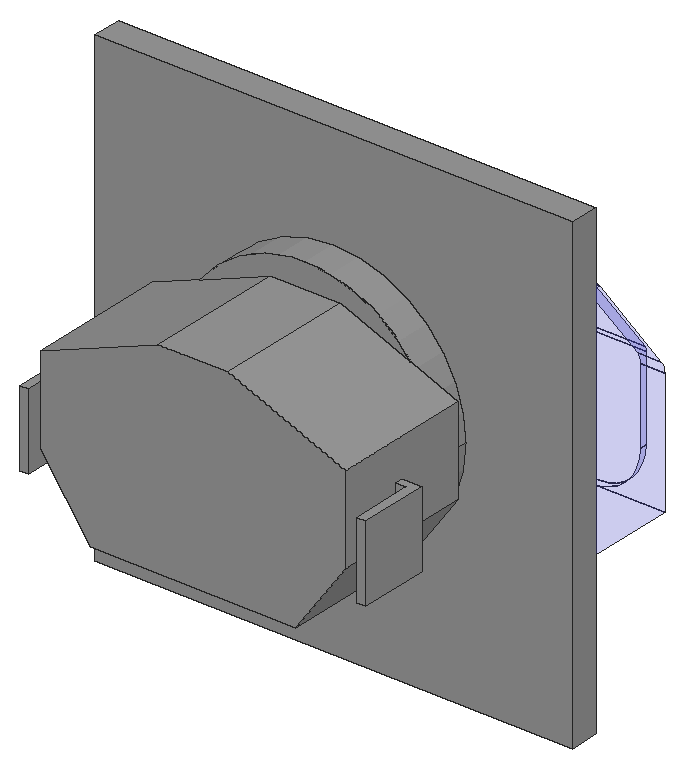
Revit family "IEK_РозеткаСетевая_Встраиваемая_С ЗК ЗШ и Кр16А одноместная IP44_КВАРТА", category Электрические приборы, Revit 2019
Family settings
  Сохранять ориентацию аннотаций = Да
  Размер круглого соединителя = Использовать диаметр
  Тип детали = Нормальный
  На основе рабочей плоскости = Нет
  Всегда вертикально = Да
  При загрузке вырезать с полостями = Нет
  Общий = Нет
  Точка расчета площади = Нет
Parameters (values of type "РСбш11-3-ККБ-44")
  Ширина = 81.5 mm  # constant formula
  Тип монтажа = "Скрытый монтаж (в штукатурку)"  # constant formula
  Степень защиты = "IP44"  # constant formula
  Изготовитель = "IEK"  # constant formula
  Дата изменения = ""
  Глубина = 67.5 mm  # constant formula
  Высота = 80.5 mm  # constant formula
  ΔХ [instance] = 2000 mm
  ΔY [instance] = 2000 mm
  KSI_CPr_Строительные изделия = "20.4.03.04 20.4.03.05 20.4.03.06"  # constant formula
  KSI_CMa_Строительные материалы = "01.7.14.03"  # constant formula
  IEK_Цена за единицу = 268.64
  IEK_Поиск в таблице имен = ""
  IEK_Описание = "Классический дизайн, проверенный временем и востребованный различными категориями потребителей, позволяет устанавливать изделия серии \"КВАРТА\" в квартирах, загородных домах, офисных и производственных помещениях."
  IEK_URL = "https://www.iek.ru/products/catalog/izdeliya_elektroustanovochnye_udliniteli_i_silovye_razemy/elektroustanovochnye_izdeliya/elektroustanovochnye_izdeliya_skrytogo_montazha/elektroustanovochnye_izdeliya_kvarta/elektroustanovochnye_izdeliya_kvarta_tsvet_belyy/rozetka_1_mestnaya_rsbsh11_3_kkb_44_s_zazemlyayushchim_kontaktom_s_zashchitnoy_shtorkoy_s_bol_kr_keramika_ip44_16a_kvarta_belyy_iek"
  ADSK_Ток [instance] = 16 A
  ADSK_Примечание = ""
  ADSK_Полная мощность [instance] = ADSK_Номинальная мощность / ADSK_Коэффициент мощности  # 3520 VA
  ADSK_Позиция [instance] = ""
  ADSK_Номинальная мощность [instance] = ADSK_Ток * ADSK_Напряжение * sqrt(ADSK_Количество фаз числовое) * ADSK_Коэффициент мощности  # 3520 W
  ADSK_Напряжение = 220 V
  ADSK_Наименование = "Розетка 1-местная РСбш11-3-ККБ-44 с заземляющим контактом с защитной шторкой с бол. кр. керамика IP44 16А КВАРТА белый IEK"
  ADSK_Материал обозначение = ""
  ADSK_Материал наименование = "Пластик"  # constant formula
  ADSK_Материал = Цвет белый
  ADSK_Масса = 0.135
  ADSK_Марка = "КВАРТА"  # constant formula
  ADSK_Коэффициент мощности [instance] = 1  # constant formula
  ADSK_Количество фаз числовое = 1
  ADSK_Количество фаз = 1
  ADSK_Код изделия = "ERK71-K01-10-DM-44"
  ADSK_Классификация нагрузок [instance] = Прочее
  ADSK_Завод-изготовитель = "IEK"  # constant formula
  ADSK_Единица измерения = "шт"  # constant formula
  ADSK_Группирование = "III ЭЛЕКТРОУСТАНОВОЧНЫЕ И ЭЛЕКТРОМОНТАЖНЫЕ ИЗДЕЛИЯ"  # constant formula
  ADSK_Версия семейства = "1.0"  # constant formula
  ADSK_Версия Revit = "2019"  # constant formula
  ADSK_URL страницы изделия = "https://www.iek.ru/products/catalog/izdeliya_elektroustanovochnye_udliniteli_i_silovye_razemy/elektroustanovochnye_izdeliya/elektroustanovochnye_izdeliya_skrytogo_montazha/elektroustanovochnye_izdeliya_kvarta/"
Types (3, lengths in mm): name | IEK_Цена за единицу | IEK_URL | ADSK_Наименование | ADSK_Масса | ADSK_Код изделия | ADSK_URL страницы изделия
  (no name) | 268.64 | "https://www.iek.ru/products/catalog/izdeliya_elektroustanovochnye_udliniteli_i_silovye_razemy/elektroustanovochnye_izdeliya/elektroustanovochnye_izdeliya_skrytogo_montazha/elektroustanovochnye_izdeliya_kvarta/elektroustanovochnye_izdeliya_kvarta_tsvet_belyy/rozetka_1_mestnaya_rsbsh11_3_kkb_44_s_zazemlyayushchim_kontaktom_s_zashchitnoy_shtorkoy_s_bol_kr_keramika_ip44_16a_kvarta_belyy_iek" | "Розетка 1-местная РСбш11-3-ККБ-44 с заземляющим контактом с защитной шторкой с бол. кр. керамика IP44 16А КВАРТА белый IEK" | 0.135 | "ERK71-K01-10-DM-44" | "https://www.iek.ru/products/catalog/izdeliya_elektroustanovochnye_udliniteli_i_silovye_razemy/elektroustanovochnye_izdeliya/elektroustanovochnye_izdeliya_skrytogo_montazha/elektroustanovochnye_izdeliya_kvarta/"
  РСбш10-3-ККБ-44 | 237.44 | "https://www.iek.ru/products/catalog/izdeliya_elektroustanovochnye_udliniteli_i_silovye_razemy/elektroustanovochnye_izdeliya/elektroustanovochnye_izdeliya_skrytogo_montazha/elektroustanovochnye_izdeliya_kvarta/elektroustanovochnye_izdeliya_kvarta_tsvet_belyy/rozetka_1_mestnaya_rsbsh10_3_kkb_44_s_zazemlyayushchim_kontaktom_s_zashchitnoy_shtorkoy_s_kryshkoy_keramika_ip44_16a_kvarta_belyy_iek" | "Розетка 1-местная РСбш10-3-ККБ-44 с заземляющим контактом с защитной шторкой с крышкой керамика IP44 16А КВАРТА белый IEK" | 0.13 | "ERK70-K01-10-DM-44" | ""
  РСбш11-3-ККБ-44 | 268.64 | "https://www.iek.ru/products/catalog/izdeliya_elektroustanovochnye_udliniteli_i_silovye_razemy/elektroustanovochnye_izdeliya/elektroustanovochnye_izdeliya_skrytogo_montazha/elektroustanovochnye_izdeliya_kvarta/elektroustanovochnye_izdeliya_kvarta_tsvet_belyy/rozetka_1_mestnaya_rsbsh11_3_kkb_44_s_zazemlyayushchim_kontaktom_s_zashchitnoy_shtorkoy_s_bol_kr_keramika_ip44_16a_kvarta_belyy_iek" | "Розетка 1-местная РСбш11-3-ККБ-44 с заземляющим контактом с защитной шторкой с бол. кр. керамика IP44 16А КВАРТА белый IEK" | 0.135 | "ERK71-K01-10-DM-44" | "https://www.iek.ru/products/catalog/izdeliya_elektroustanovochnye_udliniteli_i_silovye_razemy/elektroustanovochnye_izdeliya/elektroustanovochnye_izdeliya_skrytogo_montazha/elektroustanovochnye_izdeliya_kvarta/"
Reference planes
  plane 1 "По центру (Вперед/Назад)": y = 0
  plane 2: z = 0
  plane 3 "По центру (Влево/Вправо)": x = 0
  plane 4 "Высота ножек": z = 280
  plane 5 "Высота": z = 2081.496
  plane 6: x = -2000
  plane 7: y = 2000
Forms (mm)
  Extrusion 1, solid, material "Цвет белый" <- "ADSK_Материал", detail levels fine
    sketch origin (0, 0, 40.25) x (-1, 0, 0) y (0, 0, 1)
      loop
        line (-17.5, -16.75) -> (17.5, -16.75) -> (26, -4.75) -> (26, 10.25) -> (6, 18.25) -> (-6, 18.25) -> (-26, 10.25) -> (-26, -4.75) -> (-17.5, -16.75)
    from -6 to -30
  Extrusion 2, solid, material "Цвет белый" <- "ADSK_Материал", detail levels fine
    sketch origin (0, 0, 40.25) x (-1, 0, 0) y (0, 0, 1)
      loop
        line (-40.75, 40.25) -> (-40.75, -40.25) -> (40.75, -40.25) -> (40.75, 40.25) -> (-40.75, 40.25)
    from 0 to 14.038
  Revolve 3, solid, material "Цвет белый" <- "ADSK_Материал", detail levels fine
    sketch origin (0, 0, 40.25) x (0, 0, 1) y (0, 1, 0)
      loop
        line (19.023, -3.016) -> (21.005, -3.016) -> (21.005, 13.189)
        arc (21.005, 13.189) -> (20.014, 14.18) -> (19.023, 13.189) r 0.991
        line (19.023, 13.189) -> (19.023, -3.016)
      axis (0, 13.189) -> (0, -3.016)
    angle from 0 to 360
  Extrusion 4, void
    sketch origin (0, 0, 40.25) x (-1, 0, 0) y (0, 0, 1)
      loop
        circle (0, 0) r 19.023
    from -3.016 to 18.875
  Extrusion 5, void
    sketch origin (0, 0, 40.25) x (-1, 0, 0) y (0, 0, 1)
      loop
        circle (9.491, 0) r 2.768
      loop
        circle (-9.491, 0) r 2.768
      loop
        circle (0, 0) r 2.768
    from 10.491 to -16
  Extrusion 6, void
    sketch origin (-0.786, 0, 40.25) x (0, 0, -1) y (0, -1, 0)
      loop
        spline (40.25, -5) -> (38.349, -6.53) -> (36.302, -7.861) -> (34.142, -9.01) -> (31.901, -9.995) -> (29.61, -10.832) -> (27.303, -11.54) -> (25.011, -12.136) -> (22.767, -12.637) -> (20.603, -13.06) -> (18.551, -13.423) -> (16.643, -13.743) -> (14.912, -14.038)
        line (14.912, -14.038) -> (11.84, -14.038) -> (11.84, -18.875) -> (40.25, -18.875) -> (40.25, -5)
    from -55.184 to 53.611
  Extrusion 7, void
    sketch origin (-0.786, 0, 40.25) x (0, 0, 1) y (0, 1, 0)
      loop
        line (40.25, 5) -> (40.25, 18.875) -> (11.84, 18.875) -> (11.84, 14.038) -> (14.912, 14.038)
        spline (14.912, 14.038) -> (16.643, 13.743) -> (18.551, 13.423) -> (20.603, 13.06) -> (22.767, 12.637) -> (25.011, 12.136) -> (27.303, 11.54) -> (29.61, 10.832) -> (31.901, 9.995) -> (34.142, 9.01) -> (36.302, 7.861) -> (38.349, 6.53) -> (40.25, 5)
    from -55.184 to 53.611
  Extrusion 8, solid, material "Латунь", detail levels fine
    sketch origin (0, 0, 40.25) x (0, 0, 1) y (0, 1, 0)
      loop
        line (-19.235, -3.503) -> (-18.583, -3.052) -> (-14.622, 5.441)
        arc (-14.622, 5.441) -> (-14.418, 6.769) -> (-14.959, 7.998) r 2.4
        line (-14.959, 7.998) -> (-17.051, 10.491) -> (-18, 11) -> (-15.265, 7.741)
        arc (-15.265, 7.741) -> (-14.815, 6.717) -> (-14.985, 5.61) r 2
        line (-14.985, 5.61) -> (-19.235, -3.503)
      loop
        line (19.235, -3.503) -> (14.985, 5.61)
        arc (14.985, 5.61) -> (14.815, 6.717) -> (15.265, 7.741) r 2
        line (15.265, 7.741) -> (18, 11) -> (17.051, 10.491) -> (14.959, 7.998)
        arc (14.959, 7.998) -> (14.418, 6.769) -> (14.622, 5.441) r 2.4
        line (14.622, 5.441) -> (18.583, -3.052) -> (19.235, -3.503)
    from -1 to 1
  Extrusion 9, solid, material "Цвет белый" <- "ADSK_Материал", detail levels fine
    sketch origin (0, 0, 40.25) x (-1, 0, 0) y (0, 0, 1)
      loop
        circle (0, 0) r 22.477
    from 0.604 to -6
  Extrusion 10, solid, material "Цвет белый" <- "ADSK_Материал", detail levels fine
    sketch origin (0, 0, 40.25) x (-1, 0, 0) y (0, 0, 1)
      loop
        line (-28.5, 24.5) -> (-28.5, 20.2) -> (-24.5, 20.2) -> (-24.5, 24.5) -> (-28.5, 24.5)
      loop
        line (24.5, 24.5) -> (24.5, 20.2) -> (28.5, 20.2) -> (28.5, 24.5) -> (24.5, 24.5)
    from 10.491 to 15.5
  Extrusion 11, solid, material "Цвет белый" <- "ADSK_Материал", detail levels fine
    sketch origin (0, 0, 40.25) x (0, 1, 0) y (-1, 0, 0)
      loop
        line (-30, -28) -> (-30, -29.5) -> (-18, -29.5) -> (-18, -26) -> (-19.5, -26) -> (-19.5, -28) -> (-30, -28)
      loop
        line (-30, 29.5) -> (-30, 28) -> (-19.5, 28) -> (-19.5, 26) -> (-18, 26) -> (-18, 29.5) -> (-30, 29.5)
    from -9.25 to 3.75
  Extrusion 12, void
    sketch origin (0.536, 0, 41.389) x (1, 0, 0) y (0, 1, 0)
      loop
        line (40.25, 5) -> (40.25, 18.875) -> (11.84, 18.875) -> (11.84, 14.038) -> (14.912, 14.038)
        spline (14.912, 14.038) -> (16.643, 13.743) -> (18.551, 13.423) -> (20.603, 13.06) -> (22.767, 12.637) -> (25.011, 12.136) -> (27.303, 11.54) -> (29.61, 10.832) -> (31.901, 9.995) -> (34.142, 9.01) -> (36.302, 7.861) -> (38.349, 6.53) -> (40.25, 5)
      loop
        spline (-41.322, 5) -> (-39.421, 6.53) -> (-37.374, 7.861) -> (-35.214, 9.01) -> (-32.973, 9.995) -> (-30.683, 10.832) -> (-28.375, 11.54) -> (-26.084, 12.136) -> (-23.84, 12.637) -> (-21.675, 13.06) -> (-19.623, 13.423) -> (-17.715, 13.743) -> (-15.984, 14.038)
        line (-15.984, 14.038) -> (-12.913, 14.038) -> (-12.913, 18.875) -> (-41.322, 18.875) -> (-41.322, 5)
    from -55.184 to 53.611
  Extrusion 13, void
    sketch origin (0, 0, 0) x (1, 0, 0) y (0, 0, 1)
      loop
        line (-24.3, 64.75) -> (-24.3, 59.75) -> (-28.5, 59.75) -> (-28.5, 16.25) -> (-10, 16.25) -> (28.5, 16.25) -> (28.5, 59.75) -> (24.3, 59.75) -> (24.3, 64.75) -> (-24.3, 64.75)
    from -10.491 to -39.95
  Extrusion 14, solid, material "Стекло", detail levels fine
    sketch origin (0, 0, 0) x (1, 0, 0) y (0, 0, 1)
      loop
        line (-24.3, 64.75) -> (-24.3, 59.75) -> (-28.5, 59.75) -> (-28.5, 16.25) -> (-10, 16.25)
        arc (-10, 16.25) -> (0, 12.765) -> (10, 16.25) r 16.089
        line (10, 16.25) -> (28.5, 16.25) -> (28.5, 59.75) -> (24.3, 59.75) -> (24.3, 64.75) -> (-24.3, 64.75)
    from -10.491 to -37.5
  Extrusion 15, void
    sketch origin (0, 0, 0) x (0, 1, 0) y (0, 0, 1)
      loop
        line (17.816, 63.893) -> (36.202, 39.707)
        arc (36.202, 39.707) -> (36.414, 39.307) -> (36.488, 38.86) r 1.399
        line (36.488, 38.86) -> (36.488, 16.25) -> (37.5, 12.765) -> (37.5, 64.75) -> (16.088, 64.75)
        arc (16.088, 64.75) -> (17.052, 64.524) -> (17.816, 63.893) r 2.17
      loop
        line (34.282, 16.25) -> (10.491, 16.25) -> (10.491, 12.765) -> (37.006, 12.765) -> (35.994, 16.25) -> (34.282, 16.25)
    from -32.141 to 31.911
  Extrusion 16, void
    sketch origin (0, 0, 0) x (0, 1, 0) y (0, 0, 1)
      loop
        line (12.423, 59.75) -> (17.32, 59.235)
        arc (17.32, 59.235) -> (19.601, 58.505) -> (21.401, 56.926) r 5.88
        line (21.401, 56.926) -> (34.501, 39.542)
        arc (34.501, 39.542) -> (34.987, 38.618) -> (35.155, 37.588) r 3.247
        line (35.155, 37.588) -> (35.155, 18.674) -> (35.155, 16.25) -> (36.488, 16.25) -> (36.488, 38.86)
        arc (36.488, 38.86) -> (36.414, 39.307) -> (36.202, 39.707) r 1.399
        line (36.202, 39.707) -> (20.965, 59.75) -> (12.423, 59.75)
    from 24.3 to 31.13
  Extrusion 17, void
    sketch origin (0, 0, 0) x (0, 1, 0) y (0, 0, -1)
      loop
        line (12.423, -59.75) -> (20.965, -59.75) -> (36.202, -39.707)
        arc (36.202, -39.707) -> (36.414, -39.307) -> (36.488, -38.86) r 1.399
        line (36.488, -38.86) -> (36.488, -16.25) -> (35.155, -16.25) -> (35.155, -18.674) -> (35.155, -37.588)
        arc (35.155, -37.588) -> (34.987, -38.618) -> (34.501, -39.542) r 3.247
        line (34.501, -39.542) -> (21.401, -56.926)
        arc (21.401, -56.926) -> (19.601, -58.505) -> (17.32, -59.235) r 5.88
        line (17.32, -59.235) -> (12.423, -59.75)
    from 24.3 to 31.13
  Extrusion 18, void
    sketch origin (0, 0, 0) x (1, 0, 0) y (0, 0, 1)
      loop
        line (15.924, 16.25) -> (15.924, 12.765) -> (28.5, 12.765) -> (28.5, 24.626) -> (24.3, 24.626)
        arc (24.3, 24.626) -> (21.847, 18.703) -> (15.924, 16.25) r 8.376
      loop
        arc (-15.924, 16.25) -> (-21.847, 18.703) -> (-24.3, 24.626) r 8.376
        line (-24.3, 24.626) -> (-28.5, 24.626) -> (-28.5, 12.765) -> (-15.924, 12.765) -> (-15.924, 16.25)
    from -35.155 to -44.647
  Extrusion 19, solid, material "По умолчанию", detail levels coarse
    sketch origin (0, 0, 0) x (1, 0, 0) y (0, 1, 0)
      loop
        line (40.75, -30) -> (40.75, 37.5) -> (-40.75, 37.5) -> (-40.75, -30) -> (40.75, -30)
    from 0 to 80.5
  Extrusion 20, solid, material "По умолчанию", detail levels medium
    sketch origin (0, 0, 0) x (1, 0, 0) y (0, 1, 0)
      loop
        line (-40.75, 37.5) -> (-40.75, -30) -> (40.75, -30) -> (40.75, 37.5) -> (-40.75, 37.5)
    from 0 to 80.5
  Extrusion 21, solid, material "Цвет металл", detail levels fine
    sketch origin (0, 0, 0) x (1, 0, 0) y (0, 0, 1)
      loop
        circle (0, 40.25) r 2.471
    from 6 to 0
  Extrusion 22, void
    sketch origin (0, 0, 0) x (1, 0, 0) y (0, 0, 1)
      loop
        arc (0.826, 42.579) -> (0, 42.721) -> (-0.826, 42.579) r 2.471
        line (-0.826, 42.579) -> (-0.826, 41.023) -> (-2.347, 41.023)
        arc (-2.347, 41.023) -> (-2.471, 40.25) -> (-2.347, 39.477) r 2.471
        line (-2.347, 39.477) -> (-0.826, 39.477) -> (-0.826, 37.921)
        arc (-0.826, 37.921) -> (0, 37.779) -> (0.826, 37.921) r 2.471
        line (0.826, 37.921) -> (0.826, 39.477) -> (2.347, 39.477)
        arc (2.347, 39.477) -> (2.471, 40.25) -> (2.347, 41.023) r 2.471
        line (2.347, 41.023) -> (0.826, 41.023) -> (0.826, 42.579)
    from 0.798 to -2.927
Cuts and joins
  Extrusion 4, Extrusion 5, Extrusion 6, Extrusion 7, Extrusion 12, Extrusion 13, Extrusion 18 cuts Extrusion 2
  Extrusion 5, Extrusion 13, Extrusion 22 cuts Extrusion 1
  Extrusion 5, Extrusion 16 cuts Revolve 3
  Extrusion 5, Extrusion 13 cuts Extrusion 9
  Extrusion 13 cuts Extrusion 8
  Extrusion 13 cuts Extrusion 11
  Extrusion 15, Extrusion 16, Extrusion 17, Extrusion 18 cuts Extrusion 14
  Extrusion 22 cuts Extrusion 19
  Extrusion 22 cuts Extrusion 20
  Extrusion 22 cuts Extrusion 21
Lines and regions (mm)
  reference lines
    curve 1: line (0, 44.647, 0) -> (0, -55.353, 0)
    curve 2: line (-23.829, 0, 0) -> (76.171, 0, 0)
Dimensions and locks
  locked: plane 4 "Высота ножек" to plane 2 at 280
  plane 5 "Высота" to plane 4 "Высота ножек" = 1801.496 mm
  "ΔХ": plane 6 to curve 1
  "ΔY": plane 7 to curve 2
  aligned and locked: level to plane 2
  aligned and locked: nested 1 to curve 1
  aligned and locked: curve 2 to nested 1
Automatic sketch dimensions
  plane 3 "По центру (Влево/Вправо)" to Extrusion 1 sketch curve = 26 mm
  Extrusion 1 sketch curve to Extrusion 1 sketch curve = 8.5 mm
  plane 3 "По центру (Влево/Вправо)" to Extrusion 1 sketch curve = 6 mm
  Extrusion 1 sketch curve to plane 3 "По центру (Влево/Вправо)" = 6 mm
  Extrusion 1 sketch curve to plane 3 "По центру (Влево/Вправо)" = 17.5 mm
  Extrusion 1 sketch curve to Extrusion 1 sketch curve = 20 mm
  level to Extrusion 1 sketch curve = 23.5 mm
  Extrusion 1 sketch curve to Extrusion 1 sketch curve = 12 mm  (x2)
  Extrusion 1 sketch curve to Extrusion 1 sketch curve = 15 mm  (x2)
  Extrusion 1 sketch curve to Extrusion 1 sketch curve = 8 mm
  Extrusion 2 sketch curve to level = 0 mm
  plane 3 "По центру (Влево/Вправо)" to Extrusion 2 sketch curve = 40.75 mm
  Extrusion 2 sketch curve to plane 3 "По центру (Влево/Вправо)" = 40.75 mm
  level to Extrusion 2 sketch curve = 80.5 mm
  Revolve 3 sketch curve to plane 1 "По центру (Вперед/Назад)" = 13.189 mm
  level to Revolve 3 sketch curve = 59.273 mm
  Revolve 3 sketch curve to Revolve 3 sketch curve = 0.991 mm
  plane 1 "По центру (Вперед/Назад)" to Revolve 3 sketch curve = 3.016 mm
  level to Revolve 3 sketch curve = 40.25 mm
  Revolve 3 sketch curve to Revolve 3 sketch curve = 606.584 mm
  plane 7 to Revolve 3 sketch curve = 343.807 mm
  Extrusion 4 sketch curve to plane 3 "По центру (Влево/Вправо)" = 0 mm
  level to Extrusion 4 sketch curve = 40.25 mm
  Extrusion 6 sketch curve to level = 0 mm
  level to Extrusion 6 sketch curve = 25.338 mm
  Extrusion 6 sketch curve to Extrusion 6 sketch curve = 3.071 mm
  Extrusion 6 sketch curve to plane 1 "По центру (Вперед/Назад)" = 18.875 mm
  Extrusion 6 sketch curve to Extrusion 6 sketch curve = 4.837 mm
  Extrusion 6 sketch curve to plane 1 "По центру (Вперед/Назад)" = 5 mm
  Extrusion 7 sketch curve to plane 1 "По центру (Вперед/Назад)" = 18.875 mm
  level to Extrusion 7 sketch curve = 52.09 mm
  Extrusion 7 sketch curve to plane 1 "По центру (Вперед/Назад)" = 14.038 mm
  Extrusion 7 sketch curve to Extrusion 7 sketch curve = 3.071 mm
  Extrusion 7 sketch curve to plane 1 "По центру (Вперед/Назад)" = 5 mm
  Extrusion 7 sketch curve to Extrusion 7 sketch curve = 25.338 mm
  Extrusion 8 sketch curve to Extrusion 8 sketch curve = 0 mm  (x4)
  plane 1 "По центру (Вперед/Назад)" to Extrusion 8 sketch curve = 3.503 mm  (x2)
  level to Extrusion 8 sketch curve = 21.015 mm
  plane 1 "По центру (Вперед/Назад)" to Extrusion 8 sketch curve = 3.052 mm  (x2)
  Extrusion 8 sketch curve to Extrusion 8 sketch curve = 0.652 mm  (x2)
  Extrusion 8 sketch curve to plane 1 "По центру (Вперед/Назад)" = 11 mm  (x2)
  Extrusion 8 sketch curve to Extrusion 8 sketch curve = 0.583 mm
  Extrusion 8 sketch curve to plane 1 "По центру (Вперед/Назад)" = 10.491 mm  (x2)
  Extrusion 8 sketch curve to Extrusion 8 sketch curve = 0.949 mm  (x2)
  Extrusion 8 sketch curve to Extrusion 8 sketch curve = 0.253 mm
  Extrusion 8 sketch curve to plane 1 "По центру (Вперед/Назад)" = 7.741 mm  (x2)
  Extrusion 8 sketch curve to Extrusion 8 sketch curve = 1.532 mm  (x2)
  Extrusion 8 sketch curve to plane 1 "По центру (Вперед/Назад)" = 5.61 mm  (x2)
  Extrusion 8 sketch curve to Extrusion 8 sketch curve = 1.813 mm
  Extrusion 8 sketch curve to plane 1 "По центру (Вперед/Назад)" = 7.998 mm  (x2)
  Extrusion 8 sketch curve to Extrusion 8 sketch curve = 0.306 mm
  Extrusion 8 sketch curve to plane 1 "По центру (Вперед/Назад)" = 5.441 mm  (x2)
  Extrusion 8 sketch curve to Extrusion 8 sketch curve = 29.245 mm
  Extrusion 8 sketch curve to Extrusion 8 sketch curve = 0.337 mm
  Extrusion 8 sketch curve to Extrusion 8 sketch curve = 0.363 mm
  Extrusion 8 sketch curve to Extrusion 8 sketch curve = 2.092 mm
  Extrusion 8 sketch curve to Extrusion 8 sketch curve = 3.96 mm
  Extrusion 9 sketch curve to plane 3 "По центру (Влево/Вправо)" = 0 mm
  level to Extrusion 9 sketch curve = 40.25 mm
  plane 3 "По центру (Влево/Вправо)" to Extrusion 10 sketch curve = 28.5 mm
  Extrusion 10 sketch curve to Extrusion 10 sketch curve = 4 mm  (x2)
  Extrusion 10 sketch curve to plane 3 "По центру (Влево/Вправо)" = 24.5 mm
  level to Extrusion 10 sketch curve = 60.45 mm
  Extrusion 10 sketch curve to Extrusion 10 sketch curve = 0 mm
  Extrusion 10 sketch curve to Extrusion 10 sketch curve = 4.3 mm  (x2)
  plane 1 "По центру (Вперед/Назад)" to Extrusion 11 sketch curve = 30 mm  (x2)
  Extrusion 11 sketch curve to Extrusion 11 sketch curve = 10.5 mm  (x2)
  Extrusion 11 sketch curve to Extrusion 11 sketch curve = 1.5 mm  (x4)
  plane 3 "По центру (Влево/Вправо)" to Extrusion 11 sketch curve = 29.5 mm
  Extrusion 11 sketch curve to Extrusion 11 sketch curve = 2 mm  (x2)
  Extrusion 11 sketch curve to plane 3 "По центру (Влево/Вправо)" = 26 mm
  Extrusion 12 sketch curve to plane 1 "По центру (Вперед/Назад)" = 18.875 mm
  Extrusion 12 sketch curve to plane 3 "По центру (Влево/Вправо)" = 40.786 mm
  Extrusion 12 sketch curve to plane 3 "По центру (Влево/Вправо)" = 15.448 mm
  Extrusion 12 sketch curve to Extrusion 12 sketch curve = 3.071 mm  (x2)
  plane 3 "По центру (Влево/Вправо)" to Extrusion 12 sketch curve = 12.377 mm
  Extrusion 12 sketch curve to Extrusion 12 sketch curve = 25.338 mm
  Extrusion 12 sketch curve to Extrusion 12 sketch curve = 4.837 mm
  Extrusion 12 sketch curve to plane 1 "По центру (Вперед/Назад)" = 14.038 mm
  Extrusion 12 sketch curve to plane 1 "По центру (Вперед/Назад)" = 5 mm  (x2)
  Extrusion 12 sketch curve to Extrusion 12 sketch curve = 13.875 mm
  Extrusion 13 sketch curve to plane 3 "По центру (Влево/Вправо)" = 28.5 mm
  Extrusion 13 sketch curve to Extrusion 13 sketch curve = 4.2 mm  (x2)
  Extrusion 13 sketch curve to plane 3 "По центру (Влево/Вправо)" = 10 mm
  plane 3 "По центру (Влево/Вправо)" to Extrusion 13 sketch curve = 24.3 mm
  level to Extrusion 13 sketch curve = 16.25 mm
  Extrusion 13 sketch curve to Extrusion 13 sketch curve = 43.5 mm  (x2)
  Extrusion 13 sketch curve to Extrusion 13 sketch curve = 5 mm
  Extrusion 14 sketch curve to plane 3 "По центру (Влево/Вправо)" = 0 mm
  Extrusion 14 sketch curve to plane 3 "По центру (Влево/Вправо)" = 10 mm
  Extrusion 14 sketch curve to plane 3 "По центру (Влево/Вправо)" = 24.3 mm
  Extrusion 14 sketch curve to Extrusion 14 sketch curve = 18.5 mm  (x2)
  plane 3 "По центру (Влево/Вправо)" to Extrusion 14 sketch curve = 10 mm
  plane 3 "По центру (Влево/Вправо)" to Extrusion 14 sketch curve = 24.3 mm
  level to Extrusion 14 sketch curve = 16.25 mm
  Extrusion 14 sketch curve to Extrusion 14 sketch curve = 12.604 mm
  Extrusion 14 sketch curve to Extrusion 14 sketch curve = 30.896 mm  (x2)
  Extrusion 14 sketch curve to Extrusion 14 sketch curve = 5 mm
  Extrusion 15 sketch curve to plane 1 "По центру (Вперед/Назад)" = 10.491 mm
  Extrusion 15 sketch curve to plane 1 "По центру (Вперед/Назад)" = 16.088 mm
  Extrusion 15 sketch curve to Extrusion 15 sketch curve = 1.727 mm
  Extrusion 15 sketch curve to Extrusion 15 sketch curve = 23.79 mm
  Extrusion 15 sketch curve to Extrusion 15 sketch curve = 0.807 mm
  level to Extrusion 15 sketch curve = 16.25 mm  (x2)
  Extrusion 15 sketch curve to Extrusion 15 sketch curve = 1.712 mm
  Extrusion 15 sketch curve to Extrusion 15 sketch curve = 1.114 mm
  Extrusion 15 sketch curve to Extrusion 15 sketch curve = 0.494 mm
  level to Extrusion 15 sketch curve = 12.765 mm
  Extrusion 15 sketch curve to Extrusion 15 sketch curve = 0.518 mm
  Extrusion 15 sketch curve to Extrusion 15 sketch curve = 19.684 mm
  Extrusion 15 sketch curve to Extrusion 15 sketch curve = 0 mm
  Extrusion 15 sketch curve to Extrusion 15 sketch curve = 22.61 mm
  Extrusion 15 sketch curve to Extrusion 15 sketch curve = 23.72 mm
  Extrusion 15 sketch curve to Extrusion 15 sketch curve = 1.313 mm
  Extrusion 16 sketch curve to plane 1 "По центру (Вперед/Назад)" = 12.423 mm
  Extrusion 16 sketch curve to Extrusion 16 sketch curve = 4.282 mm
  Extrusion 16 sketch curve to Extrusion 16 sketch curve = 4.897 mm
  Extrusion 16 sketch curve to Extrusion 16 sketch curve = 3.645 mm
  Extrusion 16 sketch curve to Extrusion 16 sketch curve = 0.436 mm
  Extrusion 16 sketch curve to Extrusion 16 sketch curve = 15.202 mm
  Extrusion 16 sketch curve to Extrusion 16 sketch curve = 2.594 mm
  Extrusion 16 sketch curve to Extrusion 16 sketch curve = 0.588 mm
  Extrusion 16 sketch curve to Extrusion 16 sketch curve = 3.247 mm
  Extrusion 16 sketch curve to Extrusion 16 sketch curve = 1.114 mm
  Extrusion 16 sketch curve to Extrusion 16 sketch curve = 0.285 mm
  level to Extrusion 16 sketch curve = 16.25 mm
  Extrusion 16 sketch curve to Extrusion 16 sketch curve = 2.424 mm
  Extrusion 16 sketch curve to Extrusion 16 sketch curve = 18.913 mm
  Extrusion 16 sketch curve to Extrusion 16 sketch curve = 0.682 mm
  Extrusion 16 sketch curve to Extrusion 16 sketch curve = 15.8 mm
  Extrusion 16 sketch curve to Extrusion 16 sketch curve = 3.538 mm
  Extrusion 16 sketch curve to Extrusion 16 sketch curve = 2.824 mm
  Extrusion 17 sketch curve to plane 1 "По центру (Вперед/Назад)" = 12.423 mm
  Extrusion 17 sketch curve to Extrusion 17 sketch curve = 4.282 mm
  Extrusion 17 sketch curve to Extrusion 17 sketch curve = 4.897 mm
  Extrusion 17 sketch curve to Extrusion 17 sketch curve = 3.645 mm
  Extrusion 17 sketch curve to Extrusion 17 sketch curve = 0.436 mm
  Extrusion 17 sketch curve to Extrusion 17 sketch curve = 15.202 mm
  Extrusion 17 sketch curve to Extrusion 17 sketch curve = 2.594 mm
  Extrusion 17 sketch curve to Extrusion 17 sketch curve = 0.588 mm
  Extrusion 17 sketch curve to Extrusion 17 sketch curve = 3.247 mm
  Extrusion 17 sketch curve to Extrusion 17 sketch curve = 1.114 mm
  Extrusion 17 sketch curve to Extrusion 17 sketch curve = 0.285 mm
  level to Extrusion 17 sketch curve = 59.75 mm
  Extrusion 17 sketch curve to Extrusion 17 sketch curve = 0.515 mm
  Extrusion 17 sketch curve to Extrusion 17 sketch curve = 2.824 mm
  Extrusion 17 sketch curve to Extrusion 17 sketch curve = 17.22 mm
  Extrusion 17 sketch curve to Extrusion 17 sketch curve = 0.682 mm
  level to Extrusion 17 sketch curve = 18.674 mm
  Extrusion 17 sketch curve to Extrusion 17 sketch curve = 2.424 mm
  Extrusion 18 sketch curve to plane 3 "По центру (Влево/Вправо)" = 24.3 mm
  Extrusion 18 sketch curve to Extrusion 18 sketch curve = 8.376 mm  (x2)
  plane 3 "По центру (Влево/Вправо)" to Extrusion 18 sketch curve = 15.924 mm
  Extrusion 18 sketch curve to Extrusion 18 sketch curve = 4.2 mm  (x2)
  level to Extrusion 18 sketch curve = 12.765 mm  (x2)
  Extrusion 18 sketch curve to Extrusion 18 sketch curve = 3.485 mm  (x2)
  Extrusion 19 sketch curve to plane 3 "По центру (Влево/Вправо)" = 40.75 mm
  plane 3 "По центру (Влево/Вправо)" to Extrusion 19 sketch curve = 40.75 mm
  plane 1 "По центру (Вперед/Назад)" to Extrusion 19 sketch curve = 30 mm
  Extrusion 19 sketch curve to plane 1 "По центру (Вперед/Назад)" = 37.5 mm
  Extrusion 20 sketch curve to plane 3 "По центру (Влево/Вправо)" = 40.75 mm
  plane 3 "По центру (Влево/Вправо)" to Extrusion 20 sketch curve = 40.75 mm
  plane 1 "По центру (Вперед/Назад)" to Extrusion 20 sketch curve = 30 mm
  Extrusion 20 sketch curve to plane 1 "По центру (Вперед/Назад)" = 37.5 mm
  Extrusion 5 sketch curve to plane 3 "По центру (Влево/Вправо)" = 0 mm
  plane 3 "По центру (Влево/Вправо)" to Extrusion 5 sketch curve = 9.491 mm
  Extrusion 5 sketch curve to plane 3 "По центру (Влево/Вправо)" = 9.491 mm
  level to Extrusion 5 sketch curve = 40.25 mm
  Extrusion 5 sketch curve to Extrusion 5 sketch curve = 0 mm  (x2)
  Extrusion 21 sketch curve to plane 3 "По центру (Влево/Вправо)" = 0 mm
  level to Extrusion 21 sketch curve = 40.25 mm
  Extrusion 22 sketch curve to Extrusion 22 sketch curve = 0 mm  (x7)
  Extrusion 22 sketch curve to plane 3 "По центру (Влево/Вправо)" = 0 mm
  Extrusion 22 sketch curve to plane 3 "По центру (Влево/Вправо)" = 0.826 mm  (x2)
  Extrusion 22 sketch curve to Extrusion 22 sketch curve = 1.521 mm  (x4)
  plane 3 "По центру (Влево/Вправо)" to Extrusion 22 sketch curve = 0.826 mm  (x2)
  level to Extrusion 22 sketch curve = 39.477 mm
  Extrusion 22 sketch curve to Extrusion 22 sketch curve = 0.773 mm
  Extrusion 22 sketch curve to Extrusion 22 sketch curve = 1.556 mm  (x2)
  curve 2 to plane 3 "По центру (Влево/Вправо)" = 23.829 mm
  plane 3 "По центру (Влево/Вправо)" to curve 2 = 76.171 mm
  plane 1 "По центру (Вперед/Назад)" to curve 1 = 55.353 mm
  curve 1 to plane 1 "По центру (Вперед/Назад)" = 44.647 mm
  radius of Extrusion 4 sketch curve = 19.023 mm
  radius of Extrusion 9 sketch curve = 22.477 mm
  radius of Extrusion 5 sketch curve = 2.768 mm  (x3)
  radius of Extrusion 21 sketch curve = 2.471 mm
Nested families
  nested 1: "УГО Розетки" at (0, 0, 0), type "2PE-C", detail levels coarse+medium
    with Количество в блоке "", Блок розеток no, IP44 yes
Connectors
  electrical at (0, 3.75, 0), driven by "ADSK_Количество фаз", driven by "ADSK_Классификация нагрузок", driven by "ADSK_Напряжение", driven by "ADSK_Полная мощность", driven by "ADSK_Коэффициент мощности"
    settings: on Extrusion 19, index 1, voltage 220 V, apparent load 0 VA, apparent load phase1 3520 VA, apparent load phase2 0 VA, apparent load phase3 0 VA, power factor 1, load classification "Прочее", number of poles 1, system type 31, power factor state 1, is connector primary yes, connector utility no, sub classification motor no, connector description ""
Definition of nested family "УГО Розетки"
  Parameters (values of type "3PE-O")
    Количество в блоке [instance] = ""
    Блок розеток [instance] = no
    IP44 [instance] = no
    3PE-O = yes
    3PE-C = no
    2PE-O = no
    2PE-C = no
    2P-O = no
    2P-C = no
  Types (6, lengths in mm): name | 3PE-O | 3PE-C | 2PE-O | 2PE-C | 2P-O | 2P-C
    2P-O | no | no | no | no | yes | no
    3PE-O | yes | no | no | no | no | no
    2P-C | no | no | no | no | no | yes
    2PE-C | no | no | no | yes | no | no
    2PE-O | no | no | yes | no | no | no
    3PE-C | no | yes | no | no | no | no
  Reference planes
    plane 1: y = 0
    plane 2: x = 0
  Lines and regions (mm)
    Filled region 1, type "Цветовая область 1", visible <- "IP44"
      outline origin (0, 0, 0) x (1, 0, 0) y (0, 1, 0)
        loop
          line (-2.5, 0) -> (2.5, 0)
          arc (2.5, 0) -> (0, 2.5) -> (-2.5, 0) r 2.5
    Filled region 2, type "Цветовая область 1", visible <- "IP44", not visible
      outline origin (0, 0, 0) x (1, 0, 0) y (0, 1, 0)
        loop
          line (-2.5, 4.664) -> (2.5, 4.664)
          arc (2.5, 4.664) -> (0, 7.164) -> (-2.5, 4.664) r 2.5
    detail lines
      curve 1: line (-2.5, 0, 0) -> (2.5, 0, 0)
      curve 3: line (0, 2.5, 0) -> (0, 5, 0)
      curve 4: arc (-2.5, 0, 0) -> (0, 2.5, 0) -> (2.5, 0, 0) r 2.5
    detail lines, visible <- "3PE-C"
      curve 2: line (0, 0, 0) -> (0, 2.5, 0)
      curve 5: line (-2.5, 2.5, 0) -> (2.5, 2.5, 0)
      curve 17: line (0, 2.5, 0) -> (1.768, 4.268, 0)
      curve 18: line (0, 2.5, 0) -> (-1.768, 4.268, 0)
    detail lines, not visible
      curve 6: line (-2.5, 4.664, 0) -> (2.5, 4.664, 0)
      curve 8: line (0, 7.164, 0) -> (0, 9.664, 0)
      curve 9: arc (-2.5, 4.664, 0) -> (0, 7.164, 0) -> (2.5, 4.664, 0) r 2.5
    detail lines, visible <- "3PE-C", not visible
      curve 7: line (0, 4.664, 0) -> (0, 7.164, 0)
      curve 10: line (-2.5, 7.164, 0) -> (2.5, 7.164, 0)
      curve 23: line (0, 7.164, 0) -> (1.768, 8.932, 0)
      curve 24: line (0, 7.164, 0) -> (-1.768, 8.932, 0)
    detail lines, visible <- "3PE-O"
      curve 11: line (-2.5, 2.5, 0) -> (2.5, 2.5, 0)
      curve 19: line (0, 2.5, 0) -> (1.768, 4.268, 0)
      curve 20: line (0, 2.5, 0) -> (-1.768, 4.268, 0)
    detail lines, visible <- "3PE-O", not visible
      curve 12: line (-2.5, 7.164, 0) -> (2.5, 7.164, 0)
      curve 25: line (0, 7.164, 0) -> (1.768, 8.932, 0)
      curve 26: line (0, 7.164, 0) -> (-1.768, 8.932, 0)
    detail lines, visible <- "2PE-C"
      curve 13: line (0, 0, 0) -> (0, 2.5, 0)
      curve 22: line (-2.5, 2.5, 0) -> (2.5, 2.5, 0)
    detail lines, visible <- "2P-C"
      curve 14: line (0, 0, 0) -> (0, 2.5, 0)
    detail lines, visible <- "2PE-C", not visible
      curve 15: line (0, 4.664, 0) -> (0, 7.164, 0)
      curve 28: line (-2.5, 7.164, 0) -> (2.5, 7.164, 0)
    detail lines, visible <- "2P-C", not visible
      curve 16: line (0, 4.664, 0) -> (0, 7.164, 0)
    detail lines, visible <- "2PE-O"
      curve 21: line (-2.5, 2.5, 0) -> (2.5, 2.5, 0)
    detail lines, visible <- "2PE-O", not visible
      curve 27: line (-2.5, 7.164, 0) -> (2.5, 7.164, 0)
    reference lines
      curve 29: line (100, 9.605, 0) -> (100, -3.971, 0)
  Text (mm)
    label "3" at (1.908, 5.573, 0), shows "Количество в блоке", visible <- "Блок розеток"
    label "3" at (1.908, 10.237, 0), shows "Количество в блоке", visible <- "Блок розеток", not visible
  Dimensions and locks
    aligned and locked: Filled region 1 sketch curve to curve 4
    aligned and locked: Filled region 2 sketch curve to curve 9
